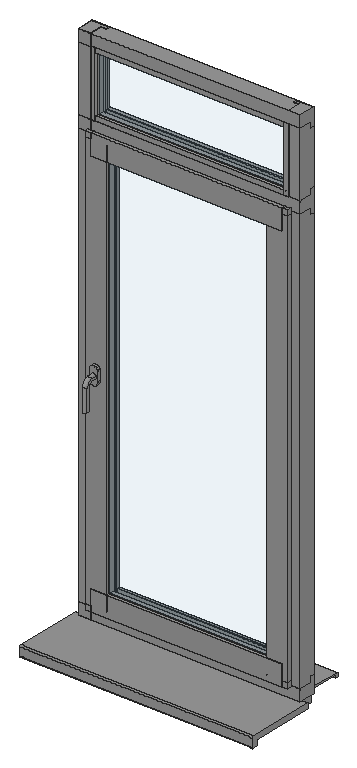
Revit family "deceuninck_okonniy_blok_odnostvorchatiy_s_framugoi_sverhu", category Окна, Revit 2016
Family settings
  Основа = Стена
  Номер OmniClass = 23.30.20.00
  Заголовок OmniClass = Windows
  Всегда вертикально = Да
  При загрузке вырезать с полостями = Нет
  Общий = Нет
  Точка расчета площади = Нет
Parameters (values of type "Энвин ЭКО-60")
  Ширина профиля = 60 mm
  Ширина проема [instance] = ADSK_Ширина рамы + Монтажный зазор.Левый + Монтажный зазор.Правый  # 840 mm
  Четверть.Ширина [instance] = 65 mm
  Четверть.Правая [instance] = if(and(Четверть правая.Видимость, Четверть), Четверть.Ширина, 0 mm)  # 65 mm
  Четверть.Левая [instance] = if(and(Четверть левая.Видимость, Четверть), Четверть.Ширина, 0 mm)  # 65 mm
  Четверть.Глубина [instance] = 120 mm
  Четверть.Высота [instance] = 65 mm
  Четверть правая.Видимость [instance] = yes
  Четверть левая.Видимость [instance] = yes
  Четверть.Врхняя [instance] = if(Четверть, Четверть.Высота, 0 mm)  # 65 mm
  Четверть [instance] = yes
  Цвет профиля = ""
  Формула стеклопакета = ""
  Толщина стеклопакета = "32"
  Стеклопакет.Толщина = 32 mm
  Створка [instance] = stvorka : Поворотная право
  Система фурнитуры [instance] = ""
  Расчетное значение ветровой нагрузки [instance] = 400
  Рама.Окно.Ширина [instance] = 800 mm
  Рама.Окно.Высота [instance] = 1900 mm
  Профильная система = "Энвин ЭКО 60"
  Проем.Окно.Ширина [instance] = 840 mm
  Проем.Окно.Высота [instance] = 1955 mm
  Приточный клапан [instance] = no
  Watermarked By = ""
  Rough Width = 0 mm  # constant formula
  Rough Height = 0 mm  # constant formula
  Подоконник.Глубина [instance] = 0 mm
  Подоконник. Видимость [instance] = yes
  Подоконник [instance] = podokonnik : ПВХ 250
  Площаль элемента [instance] = ADSK_Ширина рамы * ADSK_Высота рамы / 1000000 mm  # 1.52 mm
  Отлив.Свес [instance] = 35 mm
  Отлив.Видимость [instance] = yes
  Откосы.Глубина [instance] = 310 mm
  Огнестойкость = "Е-15"
  Наименование = "Окно 1-створчатое с фрамугой сверху Энвин ЭКО-60"
  Монтажный зазор.Спереди [instance] = 10 mm
  Монтажный зазор.Правый [instance] = if(Четверть правая.Видимость, Монтажный зазор.Боковой, 0 mm)  # 20 mm
  Монтажный зазор.Низ [instance] = 10 mm
  Монтажный зазор.Левый [instance] = if(Четверть левая.Видимость, Монтажный зазор.Боковой, 0 mm)  # 20 mm
  Монтажный зазор.Верх [instance] = 20 mm
  Монтажный зазор.Боковой = 20 mm
  Материал-Стеклопакет = none
  Материал-Рама = none
  Материал-Подоконник = ПВХ, белый
  Материал-Отлив = Лист оцинкованый, белый
  Класс профиля = "Тип В"
  Завод-изготовитель [instance] = "ООО Декёнинк Рус, Россия"  # constant formula
  ГОСТ = "ГОСТ 30673-2013"
  Фрамуга верхняя.Высота [instance] = ADSK_Высота рамы - Высота створки  # 300 mm
  Высота створки [instance] = 1600 mm
  Высота профиля створки = 76 mm
  Высота профиля рамы = 62 mm
  Высота профиля имоста = 82 mm
  Высота проема [instance] = ADSK_Высота рамы + 25 mm + Монтажный зазор.Верх + Монтажный зазор.Низ  # 1955 mm
  Height = 0 mm  # constant formula
  Высота подоконника по умолчанию = 800 mm
  Замыкание стены = По основе
  Width = 0 mm  # constant formula
  Артикул створки/армирование рстворки = "ZE 60D  /  AR1"
  Артикул рамы/армирование рамы = "LE 60D  /  AR1"
  Артикул импоста/армирование импоста = "TE 60D  /  20 x 35"
  Аналитическая конструкция = "<Нет>"
  λ краевой зоны стеклопакета = 0.0600 (m²·K)/W
  Rстеклопакета = 0.6400 (m²·K)/W
  Rпрофиля = 0.6800 (m²·K)/W
  Rпривед [instance] = 1 / (((Ширина профиля / 1000 mm) * (5.4 - 4 * (Ширина профиля / 1000 mm)) / (1.8 * Rпрофиля / Rед)) + ((1.2 - 2 * (Ширина профиля / 1000 mm)) * (1.5 - 2 * (Ширина профиля / 1000 mm)) / (1.8 * Rстеклопакета / Rед)) + (5.4 - 8 * (Ширина профиля / 1000 mm)) * (λ краевой зоны стеклопакета / Rед))  # 0.54292
  Rед = 1.0000 (m²·K)/W
  ADSK_Ширина рамы [instance] = 800 mm
  ADSK_Позиция [instance] = ""
  ADSK_Высота рамы [instance] = 1900 mm
Reference planes
  plane 1 "По центру (Вперед/Назад)": y = 0
  plane 2 "По центру (Влево/Вправо)": x = 0
  plane 3 "Подоконник": z = 800
  plane 4 "Наружный": y = 250
  plane 5 "Внутренние": y = -250
  plane 6: x = -420
  plane 7: x = 420
  plane 8: x = -355
  plane 9: x = 355
  plane 10: y = 130
  plane 11: z = 2700
  plane 12: x = -400
  plane 13: x = 400
  plane 14: z = 775
  plane 15: z = 2720
  plane 16: z = 765
  plane 17: z = 2655
  plane 18: y = 120
  plane 19: y = 60
  plane 20: x = -338
  plane 21: x = 338
  plane 22: z = 2638
  plane 23: z = 862
  plane 24: y = 107
  plane 25: x = 679.372
  plane 26: y = 70
  plane 27: y = 450
  plane 28: z = 2400
Forms (mm)
  Extrusion 1, void
    sketch origin (0, -250, 0) x (1, 0, 0) y (0, 0, 1)
      loop
        line (-420, 2720) -> (-420, 765) -> (420, 765) -> (420, 2720) -> (-420, 2720)
    from 0 to -380
  Extrusion 2, void
    sketch origin (-2200.521, 130, 1000) x (1, 0, 0) y (0, 0, 1)
      loop
        line (1845.521, 1655) -> (1845.521, -235) -> (2555.521, -235) -> (2555.521, 1655) -> (1845.521, 1655)
    from 0 to -320
  Extrusion 3, solid, material <- "Материал-Рама", detail levels fine
    sketch origin (0, 0, 800) x (0, -1, 0) y (-1, 0, 0)
      loop
        line (-120, 400) -> (-120, 338) -> (-107, 338) -> (-107, 358) -> (-60, 358) -> (-60, 400) -> (-120, 400)
      loop
        line (-120, -338) -> (-120, -400) -> (-60, -400) -> (-60, -358) -> (-107, -358) -> (-107, -338) -> (-120, -338)
    from 0 to -1900
  Extrusion 4, solid, material <- "Материал-Рама", detail levels fine
    sketch origin (-750, 0, 0) x (0, -1, 0) y (0, 0, 1)
      loop
        line (-60, 800) -> (-60, 842) -> (-107, 842) -> (-107, 862) -> (-120, 862) -> (-120, 800) -> (-60, 800)
      loop
        line (-60, 2658) -> (-60, 2700) -> (-120, 2700) -> (-120, 2638) -> (-107, 2638) -> (-107, 2658) -> (-60, 2658)
    from -350 to -1150
  Extrusion 5, solid, material <- "Материал-Рама"
    sketch origin (-233.865, 107, 2257) x (0, 0, 1) y (-1, 0, 0)
      loop
        line (-1457, 166.135) -> (-1482, 166.135) -> (-1482, -633.865) -> (-1457, -633.865) -> (-1457, 166.135)
    from 0 to 37
  Extrusion 6, solid, material "Лист оцинкованый, белый" <- "Материал-Отлив", visible <- "Отлив.Видимость", detail levels fine
    sketch origin (355, 531.754, 1000) x (0, 1, 0) y (0, 0, 1)
      loop
        line (-424.754, -225) -> (-251.754, -225) -> (-251.754, -235) -> (-246.754, -235) -> (-246.754, -220) -> (-424.754, -215) -> (-424.754, -225)
    from 0 to -710
  Extrusion 7, solid, detail levels medium
    sketch origin (0, 0, 800) x (0, -1, 0) y (-1, 0, 0)
      loop
        line (-120, 400) -> (-120, 338) -> (-60, 338) -> (-60, 400) -> (-120, 400)
      loop
        line (-120, -400) -> (-60, -400) -> (-60, -338) -> (-120, -338) -> (-120, -400)
    from 0 to -1900
  Extrusion 8, solid, detail levels medium
    sketch origin (-750, 0, 0) x (0, -1, 0) y (0, 0, 1)
      loop
        line (-120, 2700) -> (-120, 2638) -> (-60, 2638) -> (-60, 2700) -> (-120, 2700)
      loop
        line (-60, 800) -> (-60, 862) -> (-120, 862) -> (-120, 800) -> (-60, 800)
    from -1150 to -350
  Extrusion 9, solid, detail levels coarse
    sketch origin (0, 0, 800) x (0, -1, 0) y (-1, 0, 0)
      loop
        line (-120, 400) -> (-120, 290) -> (-47, 290) -> (-47, 400) -> (-120, 400)
      loop
        line (-120, -400) -> (-47, -400) -> (-47, -290) -> (-120, -290) -> (-120, -400)
    from 0 to -1900
  Extrusion 10, solid, detail levels coarse
    sketch origin (-750, 0, 0) x (0, -1, 0) y (0, 0, 1)
      loop
        line (-120, 2589) -> (-47, 2589) -> (-47, 2700) -> (-120, 2700) -> (-120, 2589)
      loop
        line (-47, 800) -> (-47, 911) -> (-120, 911) -> (-120, 800) -> (-47, 800)
    from -1150 to -350
  Extrusion 11, solid, detail levels fine
    sketch origin (-750, 0, 0) x (0, -1, 0) y (0, 0, 1)
      loop
        line (-60, 2379) -> (-60, 2421) -> (-107, 2421) -> (-107, 2441) -> (-120, 2441) -> (-120, 2359) -> (-107, 2359) -> (-107, 2379) -> (-60, 2379)
    from -1150 to -350
  Extrusion 12, solid, detail levels medium
    sketch origin (-750, 0, 0) x (0, -1, 0) y (0, 0, 1)
      loop
        line (-120, 2379) -> (-60, 2379) -> (-60, 2421) -> (-120, 2421) -> (-120, 2379)
    from -1150 to -350
  Extrusion 13, solid, detail levels coarse
    sketch origin (-750, 0, 0) x (0, -1, 0) y (0, 0, 1)
      loop
        line (-47, 2311) -> (-47, 2489) -> (-120, 2489) -> (-120, 2311) -> (-47, 2311)
    from -1150 to -350
Lines and regions (mm)
  symbolic lines, style "Windows"
    curve 1: line (-400, 130, 0) -> (400, 130, 0)
Text (mm)
  text "Наружный" at (0, 923.751, 2943.296), in view "Справа"
  text "Наружный" at (0, 1040.484, 2685.409), in view "Слева"
Dimensions and locks
  "Высота подоконника по умолчанию": plane 3 "Подоконник" to level
  locked: plane 4 "Наружный" to host wall at 0
  locked: plane 5 "Внутренние" to host wall
  "Четверть.Глубина": plane 10 to plane 4 "Наружный"
  "ADSK_Высота рамы": plane 11 to plane 3 "Подоконник"
  "Монтажный зазор.Верх": plane 15 to plane 11
  locked: plane 3 "Подоконник" to plane 14 at 25
  "Монтажный зазор.Низ": plane 14 to plane 16
  "Четверть.Врхняя": plane 15 to plane 17
  equal spacing: plane 13, plane 2 "По центру (Влево/Вправо)", plane 12
  "ADSK_Ширина рамы": plane 13 to plane 12
  "Четверть.Левая": plane 8 to plane 6
  "Четверть.Правая": plane 7 to plane 9
  "Монтажный зазор.Левый": plane 12 to plane 6
  "Монтажный зазор.Правый": plane 13 to plane 7
  "Монтажный зазор.Спереди": plane 10 to plane 18
  "Ширина профиля": plane 18 to plane 19
  "Высота профиля рамы": plane 12 to plane 20
  locked: Extrusion 3 sketch curve to Extrusion 3 sketch curve at 13  (x2)
  locked: Extrusion 3 sketch curve to Extrusion 3 sketch curve at 20  (x2)
  "Высота профиля рамы": plane 21 to plane 13
  "Высота профиля рамы": plane 11 to plane 22
  "Высота профиля рамы": plane 3 "Подоконник" to plane 23
  locked: Extrusion 4 sketch curve to Extrusion 4 sketch curve at 13  (x2)
  locked: Extrusion 4 sketch curve to Extrusion 4 sketch curve at 20  (x2)
  locked: plane 18 to plane 24 at 13
  locked: plane 26 to plane 19 at 10
  locked: Extrusion 6 sketch curve to Extrusion 6 sketch curve at 5  (x2)
  locked: Extrusion 6 sketch curve to Extrusion 6 sketch curve at 10
  "Отлив.Свес": Extrusion 6 to plane 4 "Наружный"
  locked: plane 4 "Наружный" to plane 27 at 200
  "Высота створки": plane 28 to plane 3 "Подоконник"
  locked: Extrusion 11 sketch curve to Extrusion 11 sketch curve at 20  (x2)
  "Высота профиля имоста": Extrusion 11 sketch curve to Extrusion 11 sketch curve
  equal spacing: Extrusion 11 sketch curve, plane 28, Extrusion 11 sketch curve
  "Откосы.Глубина": plane 19 to plane 5 "Внутренние"
  "Проем.Окно.Высота": plane 15 to plane 16
  "Рама.Окно.Высота": plane 11 to plane 3 "Подоконник"
  "Проем.Окно.Ширина": plane 7 to plane 6
  "Рама.Окно.Ширина": plane 13 to plane 12
  aligned and locked: Extrusion 1 sketch curve to plane 15
  aligned and locked: Extrusion 1 sketch curve to plane 6
  aligned and locked: Extrusion 1 sketch curve to plane 7
  aligned and locked: Extrusion 1 sketch curve to plane 16
  aligned and locked: plane 10 to Extrusion 1
  aligned and locked: Extrusion 2 sketch curve to plane 17
  aligned and locked: Extrusion 2 sketch curve to plane 8
  aligned and locked: Extrusion 2 sketch curve to plane 9
  aligned and locked: Extrusion 2 sketch curve to plane 16
  aligned and locked: Extrusion 3 sketch curve to plane 18
  aligned and locked: Extrusion 3 sketch curve to plane 19
  aligned and locked: Extrusion 3 sketch curve to plane 20
  aligned and locked: Extrusion 3 sketch curve to plane 12
  aligned and locked: plane 18 to Extrusion 3 sketch curve
  aligned and locked: plane 19 to Extrusion 3 sketch curve
  aligned and locked: Extrusion 3 sketch curve to plane 13
  aligned and locked: Extrusion 3 sketch curve to plane 21
  aligned and locked: plane 11 to Extrusion 3
  aligned and locked: Extrusion 4 sketch curve to plane 19  (x2)
  aligned and locked: Extrusion 4 sketch curve to plane 18  (x2)
  aligned and locked: Extrusion 4 sketch curve to plane 23
  aligned and locked: Extrusion 4 sketch curve to plane 3 "Подоконник"
  aligned and locked: Extrusion 4 sketch curve to plane 22
  aligned and locked: Extrusion 4 sketch curve to plane 11
  aligned and locked: Extrusion 4 to plane 13
  aligned and locked: Extrusion 4 to plane 12
  aligned and locked: plane 24 to nested 1
  aligned and locked: nested 1 to Extrusion 3  (x2)
  aligned and locked: Extrusion 5 sketch curve to plane 12
  aligned and locked: Extrusion 5 sketch curve to plane 3 "Подоконник"
  aligned and locked: Extrusion 5 sketch curve to plane 14
  aligned and locked: plane 13 to Extrusion 5 sketch curve
  aligned and locked: plane 26 to Extrusion 5
  aligned and locked: nested 2 to plane 3 "Подоконник"
  aligned and locked: plane 26 to nested 2
  aligned and locked: nested 2 to plane 2 "По центру (Влево/Вправо)"
  aligned and locked: plane 14 to Extrusion 6 sketch curve
  aligned and locked: Extrusion 6 to plane 8
  aligned and locked: plane 24 to Extrusion 6 sketch curve
  aligned and locked: plane 27 to Extrusion 2
  aligned and locked: curve 1 to plane 10
  aligned and locked: plane 11 to Extrusion 7
  aligned and locked: Extrusion 8 sketch curve to plane 11
  aligned and locked: Extrusion 8 sketch curve to plane 22
  aligned and locked: Extrusion 8 sketch curve to plane 19  (x2)
  aligned and locked: Extrusion 8 sketch curve to plane 18  (x2)
  aligned and locked: Extrusion 8 sketch curve to plane 3 "Подоконник"
  aligned and locked: Extrusion 8 sketch curve to plane 23
  aligned and locked: Extrusion 8 to plane 13
  aligned and locked: Extrusion 7 sketch curve to plane 20
  aligned and locked: Extrusion 7 sketch curve to plane 19  (x2)
  aligned and locked: Extrusion 7 sketch curve to plane 12
  aligned and locked: plane 13 to Extrusion 7 sketch curve
  aligned and locked: plane 21 to Extrusion 7 sketch curve
  aligned and locked: Extrusion 9 sketch curve to plane 12
  aligned and locked: Extrusion 9 sketch curve to plane 18  (x2)
  aligned and locked: plane 13 to Extrusion 9 sketch curve
  aligned and locked: Extrusion 9 sketch curve to nested 1  (x2)
  aligned and locked: plane 11 to Extrusion 9
  aligned and locked: Extrusion 10 sketch curve to plane 18
  aligned and locked: Extrusion 9 to Extrusion 10 sketch curve  (x2)
  aligned and locked: Extrusion 10 sketch curve to plane 11
  aligned and locked: Extrusion 10 sketch curve to plane 3 "Подоконник"
  aligned and locked: Extrusion 10 sketch curve to Extrusion 9
  aligned and locked: Extrusion 10 to plane 13
  aligned and locked: Extrusion 7 sketch curve to plane 18  (x2)
  aligned and locked: Extrusion 10 to plane 12
  aligned and locked: Extrusion 8 to plane 12
  aligned and locked: Extrusion 11 sketch curve to plane 19
  aligned and locked: Extrusion 11 sketch curve to plane 18
  aligned and locked: Extrusion 3 to Extrusion 11 sketch curve
  aligned and locked: Extrusion 11 to plane 13
  aligned and locked: Extrusion 11 to plane 12
  aligned and locked: Extrusion 12 sketch curve to plane 18
  aligned and locked: Extrusion 12 sketch curve to plane 19
  aligned and locked: nested 1 to Extrusion 11
  aligned and locked: nested 3 to Extrusion 4
  aligned and locked: plane 24 to nested 3
  aligned and locked: Extrusion 3 to nested 3
  aligned and locked: nested 3 to Extrusion 3
  aligned and locked: nested 3 to Extrusion 11
  aligned and locked: Extrusion 9 to Extrusion 13 sketch curve
  aligned and locked: nested 3 to Extrusion 13 sketch curve
  aligned and locked: Extrusion 13 sketch curve to nested 1
  aligned and locked: Extrusion 13 sketch curve to plane 18
  aligned and locked: Extrusion 13 to plane 13
  aligned and locked: Extrusion 13 to plane 12
  aligned and locked: Extrusion 12 sketch curve to Extrusion 11  (x2)
  aligned and locked: Extrusion 12 to plane 13
  aligned and locked: Extrusion 12 to plane 12
  aligned and locked: nested 3 to Extrusion 9 sketch curve
Automatic sketch dimensions
  host wall to Extrusion 6 sketch curve = 30 mm
  Extrusion 6 sketch curve to Extrusion 6 sketch curve = 10 mm
  curve 1 to plane 12 = 0 mm
  curve 1 to plane 13 = 0 mm
  Extrusion 9 sketch curve to plane 19 = 13 mm
  plane 23 to Extrusion 10 sketch curve = 49 mm
  plane 22 to Extrusion 10 sketch curve = 49 mm
  Extrusion 11 sketch curve to plane 24 = 0 mm  (x2)
Nested families
  nested 1: "stvorka" at (0, 107, 843), Профиль.Ширина <- "Ширина профиля", type <- "Створка", Стеклопакет.Толщина <- "Стеклопакет.Толщина", Профиль.Высота <- "Высота профиля створки", type "Поворотная право"
    with Стеклопакет.Толщина 32 mm, Створка.Ширина 716 mm, Створка.Высота 1536 mm, Ручка.Расстояние от низа створки 768 mm, Профиль.Ширина 60 mm, Профиль.Высота 76 mm, Материал.Профиль none
  nested 2: "podokonnik" at (0, 70, 800), Материал-Подоконник <- "Материал-Подоконник", Длина подоконника <- "Ширина проема", type <- "Подоконник", visible <- "Подоконник. Видимость", type "ПВХ 250", detail levels fine
    with Материал-Подоконник ПВХ, белый, Длина подоконника 840 mm
  nested 3: "stvorka" at (0, 107, 2421), Профиль.Ширина <- "Ширина профиля", Стеклопакет.Толщина <- "Стеклопакет.Толщина", Профиль.Высота <- "Высота профиля створки", type "Глухая"
    with Стеклопакет.Толщина 32 mm, Створка.Ширина 716 mm, Створка.Высота 237 mm, Ручка.Расстояние от низа створки 118.5 mm, Профиль.Ширина 60 mm, Профиль.Высота 76 mm, Материал.Профиль none
Definition of nested family "stvorka"
  Parameters (values of type "Поворотно-откидная лево")
    Стеклопакет.Толщина [instance] = 32 mm
    Створка.Ширина [instance] = 700 mm
    Створка.Открытие = not(Створка.Глухая)  # yes
    Створка.Высота [instance] = 1400 mm
    Ручка.Расстояние от низа створки [instance] = Створка.Высота / 2  # 700 mm
    Ручка справа = yes
    Ручка снизу = no
    Ручка слева = no
    Ручка сверху. = no
    Профиль.Ширина [instance] = 58 mm
    Профиль.Высота [instance] = 77 mm
    Открывание правое = no
    Открывание низ = no
    Открывание левое = yes
    Открывание верх = yes
    Створка.Глухая = no
    Материал.Стеклопакет = none
    Материал.Профиль [instance] = none
    Watermarked By = ""
    Type Comments = "﻿﻿             ﻿     ﻿                                                          ﻿   ​ ﻿             ​ ﻿   ﻿ ﻿                    ​ ​     ​ ​​  ​ ​     ​   ​ ​ ​​         ﻿ ﻿﻿"
    Keynote = "﻿﻿             ﻿     ﻿                                                          ﻿   ​ ﻿             ​ ﻿   ﻿ ﻿                    ​ ​     ​ ​​  ​ ​     ​   ​ ​ ​​         ﻿ ﻿﻿"
    Description = "﻿﻿             ﻿     ﻿                                                          ﻿   ​ ﻿             ​ ﻿   ﻿ ﻿                    ​ ​     ​ ​​  ​ ​     ​   ​ ​ ​​         ﻿ ﻿﻿"
    Assembly Code = "﻿﻿             ﻿     ﻿                                                          ﻿   ​ ﻿             ​ ﻿   ﻿ ﻿                    ​ ​     ​ ​​  ​ ​     ​   ​ ​ ​​         ﻿ ﻿﻿"
    Analytic Construction = "<Нет>"
  Types (6, lengths in mm): name | Створка.Ширина | Створка.Открытие | Створка.Высота | Ручка.Расстояние от низа створки | Ручка справа | Ручка слева | Ручка сверху. | Открывание правое | Открывание левое | Открывание верх | Створка.Глухая
    Глухая | 600 | no | 1500 | 750 | no | no | no | no | no | no | yes
    Поворотная право | 600 | yes | 1500 | 750 | no | yes | no | yes | no | no | no
    Поворотная лево | 600 | yes | 1500 | 750 | yes | no | no | no | yes | no | no
    Поворотно-откидная право | 600 | yes | 1500 | 750 | no | yes | no | yes | no | yes | no
    Поворотно-откидная лево | 700 | yes | 1400 | 700 | yes | no | no | no | yes | yes | no
    Фрамуга.Откидная-верхнее | 600 | yes | 1500 | 750 | no | no | yes | no | no | yes | no
  Reference planes
    plane 1 "По центру (Вперед/Назад)": y = 0
    plane 2: z = 0
    plane 3 "По центру (Влево/Вправо)": x = 0
    plane 4: x = -338
    plane 5: x = 338
    plane 6: y = -58
    plane 7: z = 1400
    plane 8: y = -16
    plane 9: y = -48
    plane 10: y = -51
    plane 11: x = -350
    plane 12: x = 350
    plane 13: z = 12
    plane 14: z = -8
    plane 15: z = 1408
    plane 16: z = 1388
    plane 17: z = 700
    plane 18: x = -358
    plane 19: x = -281
    plane 20: x = 358
    plane 21: x = 281
    plane 22: z = 1331
    plane 23: z = 69
    plane 24: z = 700
  Forms (mm)
    Extrusion 1, solid, material <- "Материал.Профиль", visible <- "Створка.Открытие", detail levels fine
      sketch origin (0, 0, 0) x (1, 0, 0) y (0, 1, 0)
        loop
          line (-338, 0) -> (-338, -45) -> (-358, -45) -> (-358, -58) -> (-281, -58) -> (-281, -51) -> (-301, -51) -> (-301, -13) -> (-281, -13) -> (-284, 0) -> (-338, 0)
        loop
          line (338, 0) -> (284, 0) -> (281, -13) -> (301, -13) -> (301, -51) -> (281, -51) -> (281, -58) -> (358, -58) -> (358, -45) -> (338, -45) -> (338, 0)
      from 12 to 1388
    Extrusion 2, solid, visible <- "Створка.Открытие", detail levels fine
      sketch origin (0, 0, 0) x (1, 0, 0) y (0, 1, 0)
        loop
          line (-301, -13) -> (-301, -51) -> (-281, -51) -> (-281, -48) -> (-291, -48) -> (-291, -16) -> (-281, -16) -> (-281, -13) -> (-301, -13)
        loop
          line (301, -13) -> (281, -13) -> (281, -16) -> (291, -16) -> (291, -48) -> (281, -48) -> (281, -51) -> (301, -51) -> (301, -13)
      from 49 to 1351
    Extrusion 3, solid, material <- "Материал.Профиль", visible <- "Створка.Открытие", detail levels fine
      sketch origin (0, 0, 12) x (0, 1, 0) y (0, 0, 1)
        loop
          line (-58, 57) -> (-58, -20) -> (-45, -20) -> (-45, 0) -> (0, 0) -> (0, 54) -> (-13, 57) -> (-13, 37) -> (-51, 37) -> (-51, 57) -> (-58, 57)
        loop
          line (-58, 1319) -> (-51, 1319) -> (-51, 1339) -> (-13, 1339) -> (-13, 1319) -> (0, 1322) -> (0, 1376) -> (-45, 1376) -> (-45, 1396) -> (-58, 1396) -> (-58, 1319)
      from -338 to 338
    Extrusion 4, solid, visible <- "Створка.Открытие", detail levels fine
      sketch origin (0, 0, 0) x (0, 1, 0) y (0, 0, 1)
        loop
          line (-16, 69) -> (-16, 59) -> (-48, 59) -> (-48, 69) -> (-51, 69) -> (-51, 49) -> (-13, 49) -> (-13, 69) -> (-16, 69)
        loop
          line (-51, 1351) -> (-51, 1331) -> (-48, 1331) -> (-48, 1341) -> (-16, 1341) -> (-16, 1331) -> (-13, 1331) -> (-13, 1351) -> (-51, 1351)
      from -301 to 301
    Extrusion 5, solid, material <- "Материал.Профиль", visible <- "Створка.Открытие", detail levels fine
      sketch origin (-963, -48, 1200) x (-1, 0, 0) y (0, 0, 1)
        loop
          line (-605, 208) -> (-625, 208) -> (-625, 188) -> (-605, 188) -> (-605, 208)
        loop
          line (-1301, 208) -> (-1321, 208) -> (-1321, 188) -> (-1301, 188) -> (-1301, 208)
        loop
          line (-625, -1188) -> (-625, -1208) -> (-605, -1208) -> (-605, -1188) -> (-625, -1188)
        loop
          line (-1321, -1188) -> (-1321, -1208) -> (-1301, -1208) -> (-1301, -1188) -> (-1321, -1188)
      from 3 to -10
    Extrusion 6, solid, material <- "Материал.Стеклопакет", visible <- "Створка.Открытие"
      sketch origin (0, -16, 59) x (0, -1, 0) y (1, 0, 0)
        loop
          line (0, 291) -> (0, -291) -> (32, -291) -> (32, 291) -> (0, 291)
      from 0 to 1282
    Extrusion 7, solid, material <- "Материал.Профиль", visible <- "Створка.Открытие", detail levels medium
      sketch origin (0, 0, 0) x (1, 0, 0) y (0, 1, 0)
        loop
          line (-281, 0) -> (-358, 0) -> (-358, -58) -> (-281, -58) -> (-281, 0)
        loop
          line (358, 0) -> (281, 0) -> (281, -58) -> (358, -58) -> (358, 0)
      from 12 to 1388
    Extrusion 8, solid, material <- "Материал.Профиль", visible <- "Створка.Открытие", detail levels medium
      sketch origin (0, 0, 0) x (0, 1, 0) y (0, 0, 1)
        loop
          line (0, 1408) -> (-58, 1408) -> (-58, 1331) -> (0, 1331) -> (0, 1408)
        loop
          line (0, 69) -> (-58, 69) -> (-58, -8) -> (0, -8) -> (0, 69)
      from -358 to 358
    Extrusion 9, solid, material <- "Материал.Профиль", visible <- "Створка.Глухая", detail levels fine
      sketch origin (0, 0, 0) x (0, 1, 0) y (0, 0, 1)
        loop
          line (-45, 1400) -> (-45, 1383) -> (-38, 1380) -> (-38, 1400) -> (-45, 1400)
        loop
          line (-45, 0) -> (-38, 0) -> (-38, 20) -> (-45, 17) -> (-45, 0)
      from -350 to 350
    Extrusion 10, solid, visible <- "Створка.Глухая", detail levels fine
      sketch origin (0, 0, 0) x (0, 1, 0) y (0, 0, 1)
        loop
          line (0, 1400) -> (-38, 1400) -> (-38, 1380) -> (-35, 1380) -> (-35, 1390) -> (-3, 1390) -> (-3, 1380) -> (0, 1380) -> (0, 1400)
        loop
          line (0, 0) -> (0, 20) -> (-3, 20) -> (-3, 10) -> (-35, 10) -> (-35, 20) -> (-38, 20) -> (-38, 0) -> (0, 0)
      from -350 to 350
    Extrusion 11, solid, visible <- "Створка.Глухая", detail levels fine
      sketch origin (0, 0, 0) x (1, 0, 0) y (0, 1, 0)
        loop
          line (-350, 0) -> (-350, -38) -> (-330, -38) -> (-330, -35) -> (-340, -35) -> (-340, -3) -> (-330, -3) -> (-330, 0) -> (-350, 0)
        loop
          line (350, 0) -> (330, 0) -> (330, -3) -> (340, -3) -> (340, -35) -> (330, -35) -> (330, -38) -> (350, -38) -> (350, 0)
      from 0 to 1400
    Extrusion 12, solid, material <- "Материал.Профиль", visible <- "Створка.Глухая", detail levels fine
      sketch origin (0, 0, 0) x (1, 0, 0) y (0, 1, 0)
        loop
          line (-350, -38) -> (-350, -45) -> (-333, -45) -> (-330, -38) -> (-350, -38)
        loop
          line (350, -38) -> (330, -38) -> (333, -45) -> (350, -45) -> (350, -38)
      from 0 to 1400
    Extrusion 13, solid, material <- "Материал.Стеклопакет", visible <- "Створка.Глухая"
      sketch origin (0, 0, 0) x (1, 0, 0) y (0, 1, 0)
        loop
          line (-340, -3) -> (-340, -35) -> (340, -35) -> (340, -3) -> (-340, -3)
      from 10 to 1390
    Extrusion 14, solid, material <- "Материал.Профиль", visible <- "Створка.Глухая", detail levels medium
      sketch origin (0, 0, 0) x (1, 0, 0) y (0, 1, 0)
        loop
          line (-330, 0) -> (-350, 0) -> (-350, -45) -> (-330, -45) -> (-330, 0)
        loop
          line (350, 0) -> (330, 0) -> (330, -45) -> (350, -45) -> (350, 0)
      from 0 to 1400
    Extrusion 15, solid, material <- "Материал.Профиль", visible <- "Створка.Глухая", detail levels medium
      sketch origin (-350, 682.027, 1200) x (0, 1, 0) y (0, 0, 1)
        loop
          line (-682.027, 180) -> (-682.027, 200) -> (-727.027, 200) -> (-727.027, 180) -> (-682.027, 180)
        loop
          line (-682.027, -1200) -> (-682.027, -1180) -> (-727.027, -1180) -> (-727.027, -1200) -> (-682.027, -1200)
      from 0 to 700
  Lines and regions (mm)
    symbolic lines, visible <- "Открывание правое"
      curve 1: line (281, 0, 1331) -> (-281, 0, 700)
      curve 2: line (-281, 0, 700) -> (281, 0, 69)
    symbolic lines, visible <- "Открывание левое"
      curve 3: line (-281, 0, 1331) -> (281, 0, 700)
      curve 4: line (281, 0, 700) -> (-281, 0, 69)
    symbolic lines, visible <- "Открывание верх"
      curve 5: line (-281, 0, 69) -> (0, 0, 1331)
      curve 6: line (0, 0, 1331) -> (281, 0, 69)
    symbolic lines, visible <- "Открывание низ"
      curve 7: line (-281, 0, 1331) -> (0, 0, 69)
      curve 8: line (0, 0, 69) -> (281, 0, 1331)
    symbolic lines, visible <- "Створка.Глухая"
      curve 9: line (0, 0, 650) -> (0, 0, 750)
      curve 10: line (-50, 0, 700) -> (50, 0, 700)
  Dimensions and locks
    locked: Extrusion 1 sketch curve to Extrusion 1 sketch curve at 13  (x2)
    "Профиль.Ширина": plane 1 "По центру (Вперед/Назад)" to plane 6
    "Стеклопакет.Толщина": plane 8 to plane 9
    locked: plane 8 to plane 1 "По центру (Вперед/Назад)" at 16
    locked: Extrusion 1 to Extrusion 2 sketch curve at 10
    locked: Extrusion 2 sketch curve to Extrusion 1 at 10
    locked: plane 9 to plane 10 at 3
    locked: Extrusion 3 sketch curve to Extrusion 3 sketch curve at 13  (x2)
    locked: Extrusion 4 sketch curve to Extrusion 3 at 10  (x2)
    "Створка.Высота": plane 7 to plane 2
    locked: plane 4 to plane 11 at 12
    locked: plane 12 to plane 5 at 12
    equal spacing: plane 12, plane 3 "По центру (Влево/Вправо)", plane 11
    "Створка.Ширина": plane 12 to plane 11
    locked: plane 15 to plane 7 at 8
    locked: plane 7 to plane 16 at 12
    locked: plane 2 to plane 14 at 8
    locked: plane 13 to plane 2 at 12
    "Профиль.Высота": plane 18 to plane 19
    "Профиль.Высота": plane 21 to plane 20
    locked: plane 21 to Extrusion 2 at 20
    "Профиль.Высота": plane 22 to plane 15
    locked: plane 11 to plane 18 at 8
    locked: plane 20 to plane 12 at 8
    locked: Extrusion 2 to plane 19 at 20
    "Профиль.Высота": plane 23 to plane 14
    "Ручка.Расстояние от низа створки": plane 17 to plane 2
    locked: nested 3 to plane 13 at 18.5
    locked: nested 4 to plane 16 at 18.5
    locked: nested 1 to plane 4 at 18.5
    locked: plane 5 to nested 2 at 18.5
    equal spacing: plane 7, plane 24, plane 2
    locked: Extrusion 10 sketch curve to Extrusion 10 sketch curve at 20  (x2)
    locked: plane 1 "По центру (Вперед/Назад)" to Extrusion 10 sketch curve at 3  (x2)
    "Стеклопакет.Толщина": Extrusion 10 sketch curve to Extrusion 10 sketch curve  (x2)
    locked: plane 11 to Extrusion 11 sketch curve at 10
    locked: Extrusion 11 sketch curve to Extrusion 11 sketch curve at 3  (x2)
    locked: Extrusion 11 sketch curve to plane 1 "По центру (Вперед/Назад)" at 3
    "Стеклопакет.Толщина": Extrusion 11 sketch curve to Extrusion 11 sketch curve  (x2)
    locked: Extrusion 11 sketch curve to plane 12 at 10
    locked: Extrusion 1 to Extrusion 11 sketch curve at 3
    locked: Extrusion 14 to Extrusion 15 sketch curve at 20  (x2)
    locked: Extrusion 11 to Extrusion 14 sketch curve at 20
    locked: Extrusion 14 sketch curve to Extrusion 14 sketch curve at 20
    curve 9 to plane 24 to curve 9 = 50 mm locked, 50 mm locked
    curve 10 to plane 3 "По центру (Влево/Вправо)" to curve 10 = 50 mm locked, 50 mm locked
    locked: Extrusion 7 to Extrusion 1 sketch curve at 13  (x2)
    locked: Extrusion 3 sketch curve to Extrusion 8 at 13  (x2)
    locked: Extrusion 4 to plane 23 at 20
    locked: Extrusion 4 to plane 22 at 20
    locked: Extrusion 14 to Extrusion 13 at 10
    locked: Extrusion 10 sketch curve to Extrusion 13 at 10
    aligned and locked: level to plane 2
    aligned and locked: Extrusion 1 sketch curve to plane 4
    aligned and locked: plane 6 to Extrusion 1 sketch curve
    aligned and locked: plane 1 "По центру (Вперед/Назад)" to Extrusion 1 sketch curve
    aligned and locked: plane 10 to Extrusion 1 sketch curve
    aligned and locked: Extrusion 2 sketch curve to Extrusion 1  (x9)
    aligned and locked: Extrusion 2 sketch curve to plane 9
    aligned and locked: Extrusion 2 sketch curve to plane 8
    aligned and locked: Extrusion 1 sketch curve to plane 5
    aligned and locked: Extrusion 1 sketch curve to plane 6
    aligned and locked: Extrusion 1 sketch curve to plane 1 "По центру (Вперед/Назад)"
    aligned and locked: Extrusion 1 to Extrusion 2 sketch curve
    aligned and locked: plane 6 to Extrusion 3 sketch curve
    aligned and locked: plane 1 "По центру (Вперед/Назад)" to Extrusion 3 sketch curve
    aligned and locked: plane 10 to Extrusion 3 sketch curve
    aligned and locked: plane 13 to Extrusion 3
    aligned and locked: plane 8 to Extrusion 4 sketch curve  (x2)
    aligned and locked: plane 9 to Extrusion 4 sketch curve
    aligned and locked: Extrusion 4 sketch curve to Extrusion 3  (x8)
    aligned and locked: Extrusion 3 to Extrusion 4 sketch curve  (x2)
    aligned and locked: plane 5 to Extrusion 3
    aligned and locked: plane 14 to Extrusion 3
    aligned and locked: Extrusion 3 to plane 4
    aligned and locked: Extrusion 4 to Extrusion 1  (x2)
    aligned and locked: Extrusion 2 to Extrusion 4
    aligned and locked: Extrusion 3 sketch curve to plane 6
    aligned and locked: Extrusion 3 sketch curve to plane 1 "По центру (Вперед/Назад)"
    aligned and locked: plane 15 to Extrusion 3 sketch curve
    aligned and locked: Extrusion 2 to Extrusion 4 sketch curve
    aligned and locked: Extrusion 1 to Extrusion 3  (x2)
    aligned and locked: Extrusion 5 sketch curve to plane 15
    aligned and locked: Extrusion 5 sketch curve to plane 16
    aligned and locked: Extrusion 5 sketch curve to plane 4
    aligned and locked: Extrusion 5 to plane 6
    aligned and locked: Extrusion 2 to Extrusion 3
    aligned and locked: plane 5 to Extrusion 5 sketch curve  (x2)
    aligned and locked: plane 16 to Extrusion 5 sketch curve
    aligned and locked: plane 15 to Extrusion 5 sketch curve
    aligned and locked: plane 18 to Extrusion 1 sketch curve
    aligned and locked: Extrusion 1 sketch curve to plane 19
    aligned and locked: plane 21 to Extrusion 1 sketch curve
    aligned and locked: Extrusion 1 sketch curve to plane 20
    aligned and locked: Extrusion 3 sketch curve to plane 14
    aligned and locked: plane 13 to Extrusion 3 sketch curve
    aligned and locked: Extrusion 3 sketch curve to plane 23
    aligned and locked: plane 22 to Extrusion 3 sketch curve
    aligned and locked: Extrusion 3 sketch curve to plane 16
    aligned and locked: Extrusion 6 sketch curve to plane 8
    aligned and locked: Extrusion 6 sketch curve to plane 9
    aligned and locked: Extrusion 6 sketch curve to Extrusion 2  (x2)
    aligned and locked: Extrusion 6 to Extrusion 4
    aligned and locked: plane 4 to Extrusion 5 sketch curve
    aligned and locked: plane 18 to Extrusion 5 sketch curve
    aligned and locked: plane 13 to Extrusion 5 sketch curve  (x2)
    aligned and locked: plane 14 to Extrusion 5 sketch curve  (x2)
    aligned and locked: Extrusion 5 sketch curve to plane 20
    aligned and locked: Extrusion 7 sketch curve to plane 1 "По центру (Вперед/Назад)"  (x2)
    aligned and locked: Extrusion 7 sketch curve to plane 6  (x2)
    aligned and locked: Extrusion 7 sketch curve to plane 18
    aligned and locked: Extrusion 7 sketch curve to plane 19
    aligned and locked: plane 20 to Extrusion 7 sketch curve
    aligned and locked: plane 21 to Extrusion 7 sketch curve
    aligned and locked: Extrusion 7 to Extrusion 1
    aligned and locked: Extrusion 1 to plane 16
    aligned and locked: Extrusion 7 to Extrusion 3
    aligned and locked: plane 1 "По центру (Вперед/Назад)" to Extrusion 8 sketch curve  (x2)
    aligned and locked: plane 6 to Extrusion 8 sketch curve  (x2)
    aligned and locked: plane 15 to Extrusion 8 sketch curve
    aligned and locked: plane 22 to Extrusion 8 sketch curve
    aligned and locked: Extrusion 8 sketch curve to plane 23
    aligned and locked: plane 14 to Extrusion 8 sketch curve
    aligned and locked: Extrusion 8 to Extrusion 1  (x2)
    aligned and locked: plane 3 "По центру (Влево/Вправо)" to nested 3
    aligned and locked: plane 3 "По центру (Влево/Вправо)" to nested 4
    aligned and locked: nested 1 to plane 17
    aligned and locked: nested 2 to plane 17
    aligned and locked: Extrusion 9 sketch curve to plane 7
    aligned and locked: Extrusion 10 sketch curve to plane 7
    aligned and locked: plane 1 "По центру (Вперед/Назад)" to Extrusion 10 sketch curve
    aligned and locked: Extrusion 10 sketch curve to Extrusion 10 sketch curve  (x2)
    aligned and locked: Extrusion 10 sketch curve to plane 1 "По центру (Вперед/Назад)"
    aligned and locked: Extrusion 9 sketch curve to plane 2
    aligned and locked: Extrusion 9 sketch curve to Extrusion 10
    aligned and locked: Extrusion 9 to plane 11
    aligned and locked: Extrusion 10 to plane 11
    aligned and locked: plane 12 to Extrusion 10
    aligned and locked: plane 12 to Extrusion 9
    aligned and locked: Extrusion 11 sketch curve to plane 11
    aligned and locked: Extrusion 11 sketch curve to plane 12
    aligned and locked: plane 1 "По центру (Вперед/Назад)" to Extrusion 11 sketch curve
    aligned and locked: Extrusion 12 sketch curve to Extrusion 11
    aligned and locked: Extrusion 12 sketch curve to plane 11
    aligned and locked: Extrusion 12 sketch curve to Extrusion 9  (x2)
    aligned and locked: Extrusion 10 to Extrusion 12 sketch curve
    aligned and locked: Extrusion 12 sketch curve to plane 12
    aligned and locked: plane 7 to Extrusion 12
    aligned and locked: plane 7 to Extrusion 11
    aligned and locked: Extrusion 13 sketch curve to Extrusion 11  (x4)
    aligned and locked: Extrusion 13 to Extrusion 10  (x2)
    aligned and locked: Extrusion 14 sketch curve to plane 1 "По центру (Вперед/Назад)"  (x2)
    aligned and locked: Extrusion 14 sketch curve to plane 11
    aligned and locked: Extrusion 14 sketch curve to plane 12
    aligned and locked: plane 7 to Extrusion 14
    aligned and locked: Extrusion 15 sketch curve to Extrusion 10
    aligned and locked: plane 7 to Extrusion 15 sketch curve
    aligned and locked: plane 2 to Extrusion 15 sketch curve
    aligned and locked: plane 1 "По центру (Вперед/Назад)" to Extrusion 15 sketch curve
    aligned and locked: curve 10 to plane 24
    aligned and locked: Extrusion 14 sketch curve to Extrusion 12  (x2)
    aligned and locked: Extrusion 5 to Extrusion 1
    aligned and locked: plane 12 to Extrusion 15
    aligned and locked: Extrusion 9 to Extrusion 1  (x2)
    aligned and locked: Extrusion 15 sketch curve to Extrusion 1  (x2)
  Automatic sketch dimensions
    curve 4 to plane 19 = 0 mm
    curve 1 to plane 17 = 0 mm
    curve 1 to plane 19 = 0 mm
    curve 3 to plane 19 = 0 mm
    curve 6 to plane 3 "По центру (Влево/Вправо)" = 0 mm
    curve 9 to plane 3 "По центру (Влево/Вправо)" = 0 mm
    curve 8 to plane 3 "По центру (Влево/Вправо)" = 0 mm
    plane 21 to curve 8 = 0 mm
    curve 4 to plane 17 = 0 mm
    plane 21 to curve 4 = 0 mm
    plane 21 to curve 2 = 0 mm
    curve 7 to plane 23 = 0 mm
    curve 5 to plane 23 = 0 mm
    curve 2 to plane 23 = 0 mm
    curve 8 to plane 22 = 0 mm
    curve 3 to plane 22 = 0 mm
    curve 6 to plane 22 = 0 mm
    Extrusion 1 sketch curve to plane 19 = 0 mm
    Extrusion 1 sketch curve to plane 21 = 0 mm
    plane 10 to Extrusion 1 sketch curve = 0 mm
    Extrusion 1 sketch curve to Extrusion 1 sketch curve = 20 mm  (x2)
    Extrusion 1 sketch curve to plane 19 = 3 mm
    Extrusion 1 sketch curve to plane 21 = 3 mm
    Extrusion 2 sketch curve to plane 9 = 0 mm
    plane 8 to Extrusion 2 sketch curve = 0 mm
    Extrusion 3 sketch curve to plane 10 = 0 mm
    Extrusion 3 sketch curve to plane 23 = 0 mm
    plane 22 to Extrusion 3 sketch curve = 0 mm
    Extrusion 3 sketch curve to plane 23 = 3 mm
    Extrusion 3 sketch curve to plane 22 = 3 mm
    plane 20 to Extrusion 5 sketch curve = 0 mm
    Extrusion 5 sketch curve to plane 18 = 0 mm
    plane 9 to Extrusion 9 sketch curve = 10 mm
    plane 13 to Extrusion 9 sketch curve = 5 mm
    plane 13 to Extrusion 9 sketch curve = 8 mm
    plane 16 to Extrusion 9 sketch curve = 8 mm
    plane 16 to Extrusion 9 sketch curve = 5 mm
    plane 4 to Extrusion 12 sketch curve = 5 mm
    plane 4 to Extrusion 12 sketch curve = 8 mm
    Extrusion 12 sketch curve to plane 5 = 8 mm
    Extrusion 12 sketch curve to plane 5 = 5 mm
    plane 9 to Extrusion 9 sketch curve = 3 mm  (x2)
    Extrusion 3 sketch curve to plane 22 = 20 mm
    Extrusion 3 sketch curve to plane 23 = 20 mm
    plane 9 to Extrusion 10 sketch curve = 10 mm
    Extrusion 10 sketch curve to Extrusion 10 sketch curve = 3 mm
    Extrusion 10 sketch curve to plane 13 = 2 mm
    Extrusion 10 sketch curve to plane 16 = 2 mm
    plane 1 "По центру (Вперед/Назад)" to Extrusion 11 sketch curve = 0 mm
    plane 4 to Extrusion 11 sketch curve = 8 mm  (x2)
    Extrusion 11 sketch curve to plane 5 = 8 mm  (x2)
  Nested families
    nested 1: "ruchka" at (-319.5, -58, 700) x (1, 0, 0) z (0, -1, 0), visible <- "Ручка слева", type "ruchka", detail levels fine
    nested 2: "ruchka" at (319.5, -58, 700) x (1, 0, 0) z (0, -1, 0), visible <- "Ручка справа", Маериал.Ручка <- "Материал.Профиль", type "ruchka", detail levels fine
    nested 3: "ruchka" at (0, -58, 30.5) x (0, 0, 1) z (0, -1, 0), visible <- "Ручка снизу", Маериал.Ручка <- "Материал.Профиль", type "ruchka", detail levels fine
    nested 4: "ruchka" at (0, -58, 1369.5) x (0, 0, 1) z (0, -1, 0), visible <- "Ручка сверху.", Маериал.Ручка <- "Материал.Профиль", type "ruchka", detail levels fine
  Definition of nested family "ruchka"
    Parameters (values of type "ruchka")
      Watermarked By = ""
      Type Comments = "﻿﻿             ﻿     ﻿                                                          ﻿   ​ ﻿             ​ ﻿   ﻿ ﻿                    ​ ​     ​ ​​  ​ ​     ​   ​ ​ ​​         ﻿ ﻿﻿"
      Keynote = "﻿﻿             ﻿     ﻿                                                          ﻿   ​ ﻿             ​ ﻿   ﻿ ﻿                    ​ ​     ​ ​​  ​ ​     ​   ​ ​ ​​         ﻿ ﻿﻿"
      Description = "﻿﻿             ﻿     ﻿                                                          ﻿   ​ ﻿             ​ ﻿   ﻿ ﻿                    ​ ​     ​ ​​  ​ ​     ​   ​ ​ ​​         ﻿ ﻿﻿"
      Default Elevation = 1219.2 mm
      Маериал.Ручка [instance] = none
      Assembly Code = "﻿﻿             ﻿     ﻿                                                          ﻿   ​ ﻿             ​ ﻿   ﻿ ﻿                    ​ ​     ​ ​​  ​ ​     ​   ​ ​ ​​         ﻿ ﻿﻿"
      Analytic Construction = "<Нет>"
    Reference planes
      plane 1 "По центру (Вперед/Назад)": y = 0
      plane 2: z = 0
      plane 3 "По центру (Влево/Вправо)": x = 0
    Forms (mm)
      Extrusion 1, solid
        sketch origin (0, 0, 0) x (1, 0, 0) y (0, 1, 0)
          loop
            line (-1219.2, 1219.2) -> (-1219.2, -1219.2) -> (1219.2, -1219.2) -> (1219.2, 1219.2) -> (-1219.2, 1219.2)
        from 0 to -304.8
      Extrusion 2, solid, material <- "Маериал.Ручка"
        sketch origin (-1, 0, 0) x (0, -1, 0) y (1, 0, 0)
          loop
            arc (-18, 15) -> (-32, 1) -> (-18, -13) r 14
            line (-18, -13) -> (18, -13)
            arc (18, -13) -> (32, 1) -> (18, 15) r 14
            line (18, 15) -> (-18, 15)
        from 0 to 10
      Sweep 3, solid, material <- "Маериал.Ручка"
        path origin (0, 0, 0) x (0, -1, 0) y (0, 0, 1)
          loop
            line (0, 10) -> (0, 30)
            arc (0, 30) -> (7.903, 42.097) -> (20, 50) r 35.203
            line (20, 50) -> (100, 50)
        profile origin (0, 0, 20) x (0, 1, 0) y (-1, 0, 0)
          loop
            line (0, 7) -> (-7, 7) -> (-7, -7) -> (0, -7)
            arc (0, -7) -> (7, 0) -> (0, 7) r 7
    Dimensions and locks
      aligned and locked: plane 2 to Extrusion 1
      aligned and locked: level to Extrusion 1
Definition of nested family "podokonnik"
  Parameters (values of type "ПВХ 150")
    Материал-Подоконник [instance] = none
    Длина подоконника [instance] = 1500 mm
    Глубина подоконника = 150 mm
    Watermarked By = ""
    Type Comments = "﻿﻿             ﻿     ﻿                                                          ﻿   ​ ﻿             ​ ﻿   ﻿ ﻿                    ​ ​     ​ ​​  ​ ​     ​   ​ ​ ​​         ﻿ ﻿﻿"
    Keynote = "﻿﻿             ﻿     ﻿                                                          ﻿   ​ ﻿             ​ ﻿   ﻿ ﻿                    ​ ​     ​ ​​  ​ ​     ​   ​ ​ ​​         ﻿ ﻿﻿"
    Description = "﻿﻿             ﻿     ﻿                                                          ﻿   ​ ﻿             ​ ﻿   ﻿ ﻿                    ​ ​     ​ ​​  ​ ​     ​   ​ ​ ​​         ﻿ ﻿﻿"
    Assembly Code = "﻿﻿             ﻿     ﻿                                                          ﻿   ​ ﻿             ​ ﻿   ﻿ ﻿                    ​ ​     ​ ​​  ​ ​     ​   ​ ​ ​​         ﻿ ﻿﻿"
  Types (13, lengths in mm): name | Глубина подоконника
    ПВХ 100 | 100
    ПВХ 150 | 150
    ПВХ 200 | 200
    ПВХ 250 | 250
    ПВХ 300 | 300
    ПВХ 350 | 350
    ПВХ 400 | 400
    ПВХ 450 | 450
    ПВХ 500 | 500
    ПВХ 550 | 550
    ПВХ 600 | 600
    ПВХ 650 | 650
    ПВХ 700 | 700
  Reference planes
    plane 1 "По центру (Вперед/Назад)": y = 0
    plane 2: z = 0
    plane 3 "По центру (Влево/Вправо)": x = 0
    plane 4: y = -150
    plane 5: x = 750
    plane 6: x = -750
  Forms (mm)
    Extrusion 1, solid, material <- "Материал-Подоконник"
      sketch origin (0, 0, 0) x (0, 1, 0) y (0, 0, 1)
        loop
          line (0, 0) -> (-146, 0)
          arc (-146, 0) -> (-148.828, -1.172) -> (-150, -4) r 4
          line (-150, -4) -> (-150, -36)
          arc (-150, -36) -> (-148.828, -38.828) -> (-146, -40) r 4
          line (-146, -40) -> (-130, -40) -> (-130, -20) -> (0, -20) -> (0, 0)
      from -750 to 750
  Dimensions and locks
    "Глубина подоконника": plane 1 "По центру (Вперед/Назад)" to plane 4
    equal spacing: plane 6, plane 3 "По центру (Влево/Вправо)", plane 5
    "Длина подоконника": plane 6 to plane 5
    aligned and locked: level to plane 2
    aligned and locked: plane 2 to Extrusion 1 sketch curve
    aligned and locked: plane 4 to Extrusion 1 sketch curve  (x2)
    aligned and locked: plane 5 to Extrusion 1
    aligned and locked: Extrusion 1 to plane 6
  Automatic sketch dimensions
    Extrusion 1 sketch curve to plane 1 "По центру (Вперед/Назад)" = 0 mm
    Extrusion 1 sketch curve to level = 20 mm
    Extrusion 1 sketch curve to level = 4 mm
    Extrusion 1 sketch curve to Extrusion 1 sketch curve = 16 mm  (x2)
    Extrusion 1 sketch curve to Extrusion 1 sketch curve = 4 mm
